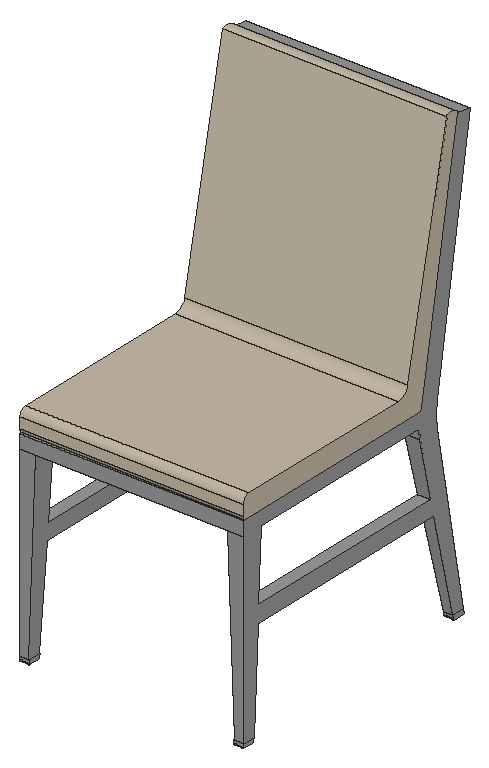
Revit family "FU_Chair_Sandler_Woodlook_1-4", category Furniture, Revit 2020
Family settings
  OmniClass Number = 23.40.20.00
  OmniClass Title = General Furniture and Specialties
  Work Plane-Based = No
  Always vertical = Yes
  Cut with Voids When Loaded = No
  Shared = No
  Room Calculation Point = No
Parameters
  Woodlook = Woodlook - 21A Teak
  Width = 460 mm
  Upholstery = Fabric - Mainline Flax - Upminster MLF20
  Height = 940 mm
  Depth = 580 mm
  Default Elevation = 0 mm
Reference planes
  plane 1 "Center (Front/Back)": y = 0
  plane 2: z = 0
  plane 3 "Center (Left/Right)": x = 0
  plane 4 "Right": x = -230
  plane 5 "Left": x = 230
  plane 6 "Back": y = 290
  plane 7 "Front": y = -290
  plane 8 "Height": z = 940
  plane 9 "SeatHeight": z = 480
  plane 10 "Glide Top": z = 9.226
  plane 11 "Seat Frame Top": z = 420.284
  plane 12 "Seat Frame Bottom": z = 391.581
  plane 13 "Stretcher Top": z = 248.07
  plane 14 "Stretcher Bottom": z = 215.267
Forms (mm)
  Extrusion 1, solid, material "Woodlook - 21A Teak" <- "Woodlook"
    sketch origin (0, 0, 0) x (0, 1, 0) y (0, 0, 1)
      loop
        line (249.963, 9.226) -> (275.933, 9.226) -> (207.761, 372.105)
        arc (207.761, 372.105) -> (204.963, 399.224) -> (206.679, 426.434) r 164.641
        line (206.679, 426.434) -> (292.071, 927.317) -> (261.727, 931.042) -> (169.145, 426.803) -> (161.041, 391.581) -> (163.472, 371.784) -> (249.963, 9.226)
    from -230 to 230
  Extrusion 2, solid, material "Rubber, Black"
    sketch origin (0, 0, 0) x (0, 1, 0) y (0, 0, 1)
      loop
        line (249.963, 9.226) -> (250.893, 2.173)
        arc (250.893, 2.173) -> (251.724, 0.62) -> (253.372, 0) r 2.5
        line (253.372, 0) -> (274.299, 0)
        arc (274.299, 0) -> (276.178, 0.852) -> (276.777, 2.827) r 2.5
        line (276.777, 2.827) -> (275.933, 9.226) -> (249.963, 9.226)
    from 211 to 230
  Extrusion 3, solid, material "Rubber, Black"
    sketch origin (0, 0, 0) x (0, 1, 0) y (0, 0, -1)
      loop
        line (249.963, -9.226) -> (275.933, -9.226) -> (276.777, -2.827)
        arc (276.777, -2.827) -> (276.178, -0.852) -> (274.299, 0) r 2.5
        line (274.299, 0) -> (253.372, 0)
        arc (253.372, 0) -> (251.724, -0.62) -> (250.893, -2.173) r 2.5
        line (250.893, -2.173) -> (249.963, -9.226)
    from 211 to 230
  Extrusion 4, void
    sketch origin (0, 0, 0) x (1, 0, 0) y (0, 0, 1)
      loop
        line (0, 893.871) -> (-199.604, 893.871) -> (-199.604, 371.784) -> (-210.999, 0) -> (0, 0) -> (210.999, 0) -> (199.604, 371.784) -> (199.604, 893.871) -> (0, 893.871)
    from -308.075 to -135.261
  Blend 5, solid, material "Woodlook - 21A Teak" <- "Woodlook"
    base sketch origin (0, 0, 9.226) x (0, -1, 0) y (1, 0, 0)
      loop
        line (290, 230) -> (264.03, 230) -> (264.03, 211.762) -> (290, 211.762) -> (290, 230)
    top sketch origin (0, 0, 9.226) x (0, -1, 0) y (1, 0, 0)
      loop
        line (290, 230) -> (245, 230) -> (245, 198.097) -> (290, 198.097) -> (290, 230)
    from 0 to 382.355
  Extrusion 6, solid, material "Rubber, Black"
    sketch origin (0, -14.067, 0) x (0, -1, 0) y (0, 0, -1)
      loop
        line (249.963, -9.226) -> (275.933, -9.226) -> (275.933, -2)
        arc (275.933, -2) -> (275.347, -0.586) -> (273.933, 0) r 2
        line (273.933, 0) -> (253.372, 0)
        arc (253.372, 0) -> (251.724, -0.62) -> (250.893, -2.173) r 2.5
        line (250.893, -2.173) -> (249.963, -9.226)
    from 211 to 230
  Extrusion 7, solid, material "Rubber, Black"
    sketch origin (0, -14.067, 0) x (0, -1, 0) y (0, 0, 1)
      loop
        line (249.963, 9.226) -> (250.893, 2.173)
        arc (250.893, 2.173) -> (251.724, 0.62) -> (253.372, 0) r 2.5
        line (253.372, 0) -> (273.933, 0)
        arc (273.933, 0) -> (275.347, 0.586) -> (275.933, 2) r 2
        line (275.933, 2) -> (275.933, 9.226) -> (249.963, 9.226)
    from 211 to 230
  Blend 8, solid, material "Woodlook - 21A Teak" <- "Woodlook"
    base sketch origin (0, 0, 9.226) x (0, -1, 0) y (1, 0, 0)
      loop
        line (290, -230) -> (290, -211.762) -> (264.03, -211.762) -> (264.03, -230) -> (290, -230)
    top sketch origin (0, 0, 9.226) x (0, -1, 0) y (1, 0, 0)
      loop
        line (290, -230) -> (290, -198.097) -> (245, -198.097) -> (245, -230) -> (290, -230)
    from 0 to 382.355
  Extrusion 9, solid, material "Woodlook - 21A Teak" <- "Woodlook"
    sketch origin (0, 0, 0) x (1, 0, 0) y (0, 0, 1)
      loop
        line (203.226, 248.07) -> (204.399, 215.267) -> (230, 215.267) -> (230, 248.07) -> (203.226, 248.07)
    from -214.608 to 269.73
  Extrusion 10, solid, material "Woodlook - 21A Teak" <- "Woodlook"
    sketch origin (0, 0, 0) x (-1, 0, 0) y (0, 0, -1)
      loop
        line (203.226, -248.07) -> (230, -248.07) -> (230, -215.267) -> (204.399, -215.267) -> (203.226, -248.07)
    from -214.608 to 269.73
  Extrusion 11, solid, material "Woodlook - 21A Teak" <- "Woodlook"
    sketch origin (0, 0, 391.581) x (-1, 0, 0) y (0, -1, 0)
      loop
        line (230, 290.296) -> (-230, 290.296) -> (-230, -197.704) -> (230, -197.704) -> (230, 290.296)
      loop
        line (197.577, -161.231) -> (197.577, 245.634) -> (-197.577, 245.634) -> (-197.577, -161.231) -> (197.577, -161.231)
    from 0 to 28.702
  Extrusion 12, solid, material "Fabric - Mainline Flax - Upminster MLF20" <- "Upholstery"
    sketch origin (0, 0, 0) x (0, 1, 0) y (0, 0, 1)
      loop
        line (167.645, 420.284) -> (261.551, 931.734)
        spline (261.551, 931.734) -> (261.33, 933.282) -> (260.149, 934.904) -> (258.086, 936.489) -> (255.283, 937.93) -> (251.931, 939.127) -> (248.259, 940) -> (244.515, 940.489) -> (240.957, 940.56) -> (237.825, 940.209) -> (235.334, 939.46) -> (233.653, 938.364) -> (232.897, 936.995)
        line (232.897, 936.995) -> (134.083, 485.047)
        arc (134.083, 485.047) -> (125.336, 470.913) -> (109.66, 465.387) r 25
        line (109.66, 465.387) -> (-275.296, 465.387)
        arc (-275.296, 465.387) -> (-285.902, 460.994) -> (-290.296, 450.387) r 15
        line (-290.296, 450.387) -> (-290.296, 428.284)
        arc (-290.296, 428.284) -> (-287.953, 422.627) -> (-282.296, 420.284) r 8
        line (-282.296, 420.284) -> (167.645, 420.284)
    from -230 to 230
Cuts and joins
  Extrusion 4 cuts Extrusion 1
  joined: Extrusion 1, Blend 5, Blend 8, Extrusion 9, Extrusion 10, Extrusion 11
Dimensions and locks
  equal spacing: plane 4 "Right", plane 3 "Center (Left/Right)", plane 5 "Left"
  "Width": plane 4 "Right" to plane 5 "Left"
  equal spacing: plane 6 "Back", plane 1 "Center (Front/Back)", plane 7 "Front"
  "Depth": plane 6 "Back" to plane 7 "Front"
  "Height": plane 8 "Height" to level
  plane 9 "SeatHeight" to level = 480 mm
  plane 5 "Left" to Extrusion 11 = 460 mm
  aligned and locked: level to plane 2
  aligned and locked: plane 4 "Right" to Extrusion 1
  aligned and locked: Extrusion 1 to plane 5 "Left"
  aligned and locked: plane 12 "Seat Frame Bottom" to Blend 5
  aligned and locked: Blend 5 to plane 10 "Glide Top"
  aligned and locked: plane 4 "Right" to Extrusion 12
  aligned and locked: Extrusion 12 to plane 5 "Left"
Automatic sketch dimensions
  Extrusion 1 sketch curve to plane 12 "Seat Frame Bottom" = 0 mm
  Extrusion 1 sketch curve to plane 10 "Glide Top" = 0 mm
  Extrusion 1 sketch curve to plane 6 "Back" = 128.959 mm
  Extrusion 1 sketch curve to plane 12 "Seat Frame Bottom" = 19.797 mm
  Extrusion 1 sketch curve to Extrusion 1 sketch curve = 2.431 mm
  plane 11 "Seat Frame Top" to Extrusion 1 sketch curve = 6.52 mm
  Extrusion 1 sketch curve to Extrusion 1 sketch curve = 8.103 mm
  plane 11 "Seat Frame Top" to Extrusion 1 sketch curve = 6.15 mm
  Extrusion 1 sketch curve to Extrusion 1 sketch curve = 37.535 mm
  Extrusion 1 sketch curve to plane 12 "Seat Frame Bottom" = 19.477 mm
  Extrusion 1 sketch curve to Extrusion 1 sketch curve = 44.289 mm
  Extrusion 1 sketch curve to plane 6 "Back" = 40.037 mm
  Extrusion 1 sketch curve to plane 8 "Height" = 8.958 mm
  Extrusion 1 sketch curve to plane 6 "Back" = 28.273 mm
  Extrusion 1 sketch curve to plane 6 "Back" = 14.067 mm
  plane 6 "Back" to Extrusion 1 sketch curve = 2.071 mm
  plane 12 "Seat Frame Bottom" to Extrusion 1 sketch curve = 10.922 mm
  Extrusion 1 sketch curve to plane 8 "Height" = 12.683 mm
  Extrusion 2 sketch curve to plane 10 "Glide Top" = 0 mm
  Extrusion 2 sketch curve to level = 0 mm
  Extrusion 2 sketch curve to plane 6 "Back" = 40.037 mm
  level to Extrusion 2 sketch curve = 2.173 mm
  Extrusion 2 sketch curve to Extrusion 2 sketch curve = 0.931 mm
  level to Extrusion 2 sketch curve = 2.5 mm  (x2)
  Extrusion 2 sketch curve to plane 6 "Back" = 15.701 mm
  Extrusion 2 sketch curve to Extrusion 2 sketch curve = 1.634 mm
  level to Extrusion 2 sketch curve = 2.827 mm
  plane 10 "Glide Top" to Extrusion 3 sketch curve = 0 mm
  Extrusion 3 sketch curve to level = 0 mm
  Extrusion 3 sketch curve to plane 6 "Back" = 40.037 mm
  level to Extrusion 3 sketch curve = 2.173 mm
  Extrusion 3 sketch curve to Extrusion 3 sketch curve = 0.931 mm
  level to Extrusion 3 sketch curve = 2.5 mm  (x2)
  Extrusion 3 sketch curve to plane 6 "Back" = 15.701 mm
  Extrusion 3 sketch curve to Extrusion 3 sketch curve = 1.634 mm
  level to Extrusion 3 sketch curve = 2.827 mm
  Extrusion 4 sketch curve to level = 0 mm
  Extrusion 4 sketch curve to plane 3 "Center (Left/Right)" = 0 mm  (x2)
  Extrusion 4 sketch curve to plane 4 "Right" = 30.396 mm
  Extrusion 4 sketch curve to plane 4 "Right" = 19.001 mm
  plane 5 "Left" to Extrusion 4 sketch curve = 30.396 mm
  plane 5 "Left" to Extrusion 4 sketch curve = 19.001 mm
  Extrusion 4 sketch curve to plane 12 "Seat Frame Bottom" = 19.797 mm  (x2)
  Extrusion 4 sketch curve to plane 8 "Height" = 46.129 mm
  Blend 5 sketch curve to plane 5 "Left" = 0 mm  (x2)
  Blend 5 sketch curve to plane 7 "Front" = 0 mm  (x2)
  plane 7 "Front" to Blend 5 sketch curve = 25.97 mm
  plane 5 "Left" to Blend 5 sketch curve = 18.238 mm
  plane 7 "Front" to Blend 5 sketch curve = 45 mm
  plane 5 "Left" to Blend 5 sketch curve = 31.903 mm
  Extrusion 6 sketch curve to plane 10 "Glide Top" = 0 mm
  Extrusion 6 sketch curve to level = 0 mm
  Extrusion 6 sketch curve to plane 7 "Front" = 0 mm
  Extrusion 6 sketch curve to level = 2 mm
  Extrusion 6 sketch curve to level = 2.5 mm
  Extrusion 6 sketch curve to Extrusion 6 sketch curve = 20.561 mm
  Extrusion 6 sketch curve to level = 2.173 mm
  Extrusion 6 sketch curve to Extrusion 6 sketch curve = 0.931 mm
  plane 10 "Glide Top" to Extrusion 7 sketch curve = 0 mm
  Extrusion 7 sketch curve to level = 0 mm
  Extrusion 7 sketch curve to plane 7 "Front" = 0 mm
  level to Extrusion 7 sketch curve = 2 mm
  level to Extrusion 7 sketch curve = 2.5 mm
  Extrusion 7 sketch curve to Extrusion 7 sketch curve = 20.561 mm
  level to Extrusion 7 sketch curve = 2.173 mm
  Extrusion 7 sketch curve to Extrusion 7 sketch curve = 0.931 mm
  Blend 8 sketch curve to plane 4 "Right" = 0 mm  (x2)
  Blend 8 sketch curve to plane 7 "Front" = 0 mm  (x2)
  Blend 8 sketch curve to plane 7 "Front" = 25.97 mm
  Blend 8 sketch curve to Blend 8 sketch curve = 18.238 mm
  Blend 8 sketch curve to plane 7 "Front" = 45 mm
  Blend 8 sketch curve to Blend 8 sketch curve = 31.903 mm
  Extrusion 9 sketch curve to plane 13 "Stretcher Top" = 0 mm
  Extrusion 9 sketch curve to plane 14 "Stretcher Bottom" = 0 mm
  plane 5 "Left" to Extrusion 9 sketch curve = 0 mm
  Extrusion 9 sketch curve to Extrusion 9 sketch curve = 25.601 mm
  Extrusion 9 sketch curve to Extrusion 9 sketch curve = 26.774 mm
  Extrusion 10 sketch curve to plane 13 "Stretcher Top" = 0 mm
  Extrusion 10 sketch curve to plane 14 "Stretcher Bottom" = 0 mm
  plane 4 "Right" to Extrusion 10 sketch curve = 0 mm
  Extrusion 10 sketch curve to Extrusion 10 sketch curve = 25.601 mm
  Extrusion 10 sketch curve to Extrusion 10 sketch curve = 26.774 mm
  Extrusion 11 sketch curve to plane 5 "Left" = 0 mm
  Extrusion 11 sketch curve to plane 4 "Right" = 0 mm
  plane 5 "Left" to Extrusion 11 sketch curve = 32.423 mm
  Extrusion 11 sketch curve to plane 4 "Right" = 32.423 mm
  Extrusion 11 sketch curve to plane 6 "Back" = 92.296 mm
  Extrusion 11 sketch curve to Extrusion 11 sketch curve = 36.473 mm
  plane 7 "Front" to Extrusion 11 sketch curve = 44.366 mm
  Extrusion 11 sketch curve to plane 7 "Front" = 0.296 mm
  Extrusion 12 sketch curve to plane 11 "Seat Frame Top" = 0 mm
  Extrusion 12 sketch curve to plane 7 "Front" = 0.296 mm
  plane 7 "Front" to Extrusion 12 sketch curve = 7.704 mm
  plane 7 "Front" to Extrusion 12 sketch curve = 14.704 mm
  plane 9 "SeatHeight" to Extrusion 12 sketch curve = 10.387 mm
  Extrusion 12 sketch curve to plane 1 "Center (Front/Back)" = 109.66 mm
  plane 9 "SeatHeight" to Extrusion 12 sketch curve = 5.047 mm
  Extrusion 12 sketch curve to Extrusion 12 sketch curve = 24.423 mm
  Extrusion 12 sketch curve to Extrusion 12 sketch curve = 33.562 mm
  Extrusion 12 sketch curve to plane 8 "Height" = 3.005 mm
  Extrusion 12 sketch curve to plane 6 "Back" = 57.103 mm
  Extrusion 12 sketch curve to plane 8 "Height" = 8.266 mm
